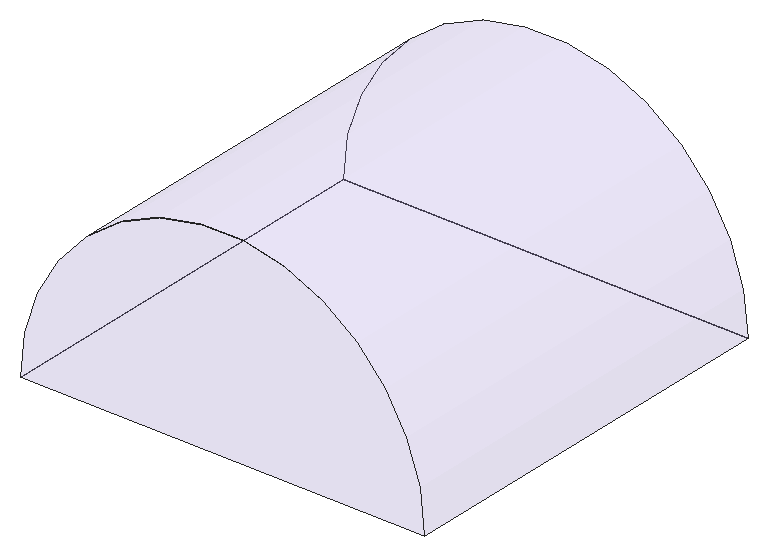
Revit family
Parameters
  Width [instance] = 9000 mm
  Mass Material [instance] = Default Mass
  Height [instance] = Width / 2  # 4500 mm
  Depth [instance] = 9000 mm
  Default Elevation = 1200 mm
Reference planes
  plane 1 "Center (Front/Back)": y = 12.955
  plane 2: z = 0
  plane 3 "Center (Left/Right)": x = -30.261
  plane 4: y = 4512.955
  plane 5: x = 4469.739
  plane 6: x = -4530.261
  plane 7: y = -4487.045
  plane 8: z = 4500
Forms (mm)
  Extrusion 1, solid, material "Default Mass" <- "Mass Material"
    sketch origin (0, 12.955, 0) x (1, 0, 0) y (0, 0, 1)
      loop
        arc (4469.739, 0) -> (-30.261, 4500) -> (-4530.261, 0) r 4500
        line (-4530.261, 0) -> (4469.739, 0)
    from -4500 to 4500
Dimensions and locks
  equal spacing: plane 6, plane 3 "Center (Left/Right)", plane 5
  "Width": plane 6 to plane 5
  equal spacing: plane 4, plane 1 "Center (Front/Back)", plane 7
  "Depth": plane 4 to plane 7
  "Height": plane 8 to plane 2
  locked: plane 2 to level
  "Height": radius of Extrusion 1 sketch curve
  aligned and locked: Extrusion 1 to plane 7
  aligned and locked: Extrusion 1 to plane 4
  aligned and locked: plane 2 to Extrusion 1 sketch curve
Automatic sketch dimensions
  Extrusion 1 sketch curve to plane 3 "Center (Left/Right)" = 0 mm
